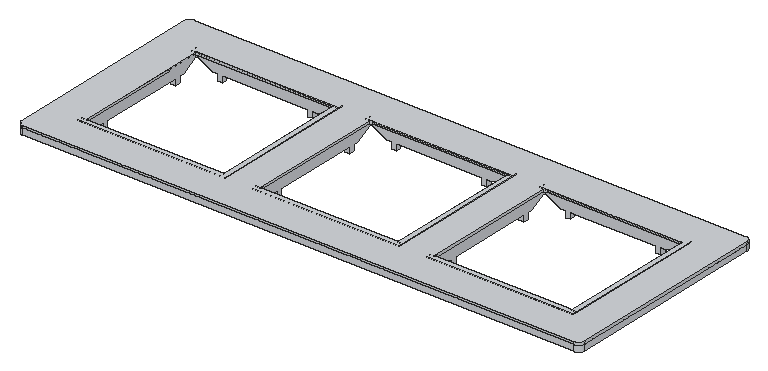
Revit family "Gira_0213295", category Electrical Fixtures, host Face, Revit 2017
Family settings
  Host = Face
  Maintain Annotation Orientation = No
  Round Connector Dimension = Use Diameter
  Part Type = Normal
  Cut with Voids When Loaded = No
  Shared = No
  Room Calculation Point = No
Parameters (values of type "Abdeckrahmen 3f flach Gira E2 Reinweiß")
  Werkstoffgüte = "Thermoplast"
  Werkstoff = "Kunststoff"
  URL = "http://katalog.gira.de/de_DE/datenblatt.html?artikelnr=0213295"
  Transparent = "No"
  Textfeld/Beschriftungsfläche = "No"
  Schutzart (IP) = "IP21"
  Region = "DE"
  RAL-Nummer (ähnlich) = "9010 "
  Oberfläche = "sonstige"
  Name = "Abdeckrahmen 3f flach Gira E2 Reinweiß"
  Montagerichtung = "horizontal und vertikal"
  Mit Klappdeckel = "No"
  Manufacturer URL = "https://www.gira.de/"
  Keynote = "E2flach_Rahmen_3fach"
  HeinzeBIM = "https://bimportal.heinze.de/bim/abdeckrahmen-3f-flach-gira-e2-reinweiss/775f8fc87214c731de78a0a6b9c0fd54142518a6"
  Halogenfrei = "Yes"
  HAN = "0213295"
  Geeignet für Unterputz-Installation = "Yes"
  Geeignet für Unterflurkanaldose = "No"
  Geeignet für Geräteeinbaukanal = "No"
  Geeignet für Einbauinstallation = "No"
  GTIN = "4010337022275"
  Farbe = "weiß"
  Default Elevation = 1219.2 mm
  Data sheet (1) = "https://katalog.gira.de/de_DE/download.html?artikelnr=0213295"
  Category = "Abdeckrahmen"
  Befestigungsart = "Klemmbefestigung"
  Available = "Yes"
  Ausführung der Oberfläche = "glänzend"
  Anzahl der Einheiten vertikal = "3 "
  Anzahl der Einheiten horizontal = "3 "
  Anzahl der Einheiten = "3 "
Reference planes
  plane 1 "Center (Front/Back)": y = 0
  plane 2: z = 0
  plane 3 "Center (Left/Right)": x = 0
Forms (mm)
  Extrusion 1, solid, detail levels fine
    sketch origin (0, 0, 0) x (1, 0, 0) y (0, 1, 0)
      loop
        arc (-112.6, 43.9) -> (-114.368, 43.168) -> (-115.1, 41.4) r 2.5
        line (-115.1, 41.4) -> (-115.1, -41.4)
        arc (-115.1, -41.4) -> (-114.368, -43.168) -> (-112.6, -43.9) r 2.5
        line (-112.6, -43.9) -> (112.6, -43.9)
        arc (112.6, -43.9) -> (114.368, -43.168) -> (115.1, -41.4) r 2.5
        line (115.1, -41.4) -> (115.1, 41.4)
        arc (115.1, 41.4) -> (114.368, 43.168) -> (112.6, 43.9) r 2.5
        line (112.6, 43.9) -> (-112.6, 43.9)
      loop
        spline (-99.344, -27.245) -> (-99.336, -27.363) -> (-99.313, -27.478) -> (-99.275, -27.589) -> (-99.223, -27.695) -> (-99.158, -27.792) -> (-99.081, -27.881) -> (-98.992, -27.958) -> (-98.895, -28.023) -> (-98.789, -28.075) -> (-98.678, -28.113) -> (-98.563, -28.136) -> (-98.445, -28.144)
        line (-98.445, -28.144) -> (-43.955, -28.144)
        spline (-43.955, -28.144) -> (-43.837, -28.136) -> (-43.722, -28.113) -> (-43.611, -28.075) -> (-43.505, -28.023) -> (-43.408, -27.958) -> (-43.319, -27.881) -> (-43.242, -27.792) -> (-43.177, -27.695) -> (-43.125, -27.589) -> (-43.087, -27.478) -> (-43.064, -27.363) -> (-43.056, -27.245)
        line (-43.056, -27.245) -> (-43.056, 27.245)
        spline (-43.056, 27.245) -> (-43.064, 27.363) -> (-43.087, 27.478) -> (-43.125, 27.589) -> (-43.177, 27.695) -> (-43.242, 27.792) -> (-43.319, 27.881) -> (-43.408, 27.958) -> (-43.505, 28.023) -> (-43.611, 28.075) -> (-43.722, 28.113) -> (-43.837, 28.136) -> (-43.955, 28.144)
        line (-43.955, 28.144) -> (-98.445, 28.144)
        spline (-98.445, 28.144) -> (-98.563, 28.136) -> (-98.678, 28.113) -> (-98.789, 28.075) -> (-98.895, 28.023) -> (-98.992, 27.958) -> (-99.081, 27.881) -> (-99.158, 27.792) -> (-99.223, 27.695) -> (-99.275, 27.589) -> (-99.313, 27.478) -> (-99.336, 27.363) -> (-99.344, 27.245)
        line (-99.344, 27.245) -> (-99.344, -27.245)
      loop
        spline (98.445, -28.144) -> (98.563, -28.136) -> (98.678, -28.113) -> (98.789, -28.075) -> (98.895, -28.023) -> (98.992, -27.958) -> (99.081, -27.881) -> (99.158, -27.792) -> (99.223, -27.695) -> (99.275, -27.589) -> (99.313, -27.478) -> (99.336, -27.363) -> (99.344, -27.245)
        line (99.344, -27.245) -> (99.344, 27.245)
        spline (99.344, 27.245) -> (99.336, 27.363) -> (99.313, 27.478) -> (99.275, 27.589) -> (99.223, 27.695) -> (99.158, 27.792) -> (99.081, 27.881) -> (98.992, 27.958) -> (98.895, 28.023) -> (98.789, 28.075) -> (98.678, 28.113) -> (98.563, 28.136) -> (98.445, 28.144)
        line (98.445, 28.144) -> (43.955, 28.144)
        spline (43.955, 28.144) -> (43.837, 28.136) -> (43.722, 28.113) -> (43.611, 28.075) -> (43.505, 28.023) -> (43.408, 27.958) -> (43.319, 27.881) -> (43.242, 27.792) -> (43.177, 27.695) -> (43.125, 27.589) -> (43.087, 27.478) -> (43.064, 27.363) -> (43.056, 27.245)
        line (43.056, 27.245) -> (43.056, -27.245)
        spline (43.056, -27.245) -> (43.064, -27.363) -> (43.087, -27.478) -> (43.125, -27.589) -> (43.177, -27.695) -> (43.242, -27.792) -> (43.319, -27.881) -> (43.408, -27.958) -> (43.505, -28.023) -> (43.611, -28.075) -> (43.722, -28.113) -> (43.837, -28.136) -> (43.955, -28.144)
        line (43.955, -28.144) -> (98.445, -28.144)
      loop
        spline (-28.144, -27.245) -> (-28.136, -27.363) -> (-28.113, -27.478) -> (-28.075, -27.589) -> (-28.023, -27.695) -> (-27.958, -27.792) -> (-27.881, -27.881) -> (-27.792, -27.958) -> (-27.695, -28.023) -> (-27.589, -28.075) -> (-27.478, -28.113) -> (-27.363, -28.136) -> (-27.245, -28.144)
        line (-27.245, -28.144) -> (27.245, -28.144)
        spline (27.245, -28.144) -> (27.363, -28.136) -> (27.478, -28.113) -> (27.589, -28.075) -> (27.695, -28.023) -> (27.792, -27.958) -> (27.881, -27.881) -> (27.958, -27.792) -> (28.023, -27.695) -> (28.075, -27.589) -> (28.113, -27.478) -> (28.136, -27.363) -> (28.144, -27.245)
        line (28.144, -27.245) -> (28.144, 27.245)
        spline (28.144, 27.245) -> (28.136, 27.363) -> (28.113, 27.478) -> (28.075, 27.589) -> (28.023, 27.695) -> (27.958, 27.792) -> (27.881, 27.881) -> (27.792, 27.958) -> (27.695, 28.023) -> (27.589, 28.075) -> (27.478, 28.113) -> (27.363, 28.136) -> (27.245, 28.144)
        line (27.245, 28.144) -> (-27.245, 28.144)
        spline (-27.245, 28.144) -> (-27.363, 28.136) -> (-27.478, 28.113) -> (-27.589, 28.075) -> (-27.695, 28.023) -> (-27.792, 27.958) -> (-27.881, 27.881) -> (-27.958, 27.792) -> (-28.023, 27.695) -> (-28.075, 27.589) -> (-28.113, 27.478) -> (-28.136, 27.363) -> (-28.144, 27.245)
        line (-28.144, 27.245) -> (-28.144, -27.245)
    from 2.5 to 3.4
  Extrusion 2, solid, detail levels fine
    sketch origin (0, 0, 0) x (1, 0, 0) y (0, 1, 0)
      loop
        arc (-112.6, 43.9) -> (-114.368, 43.168) -> (-115.1, 41.4) r 2.5
        line (-115.1, 41.4) -> (-115.1, -41.4)
        arc (-115.1, -41.4) -> (-114.368, -43.168) -> (-112.6, -43.9) r 2.5
        line (-112.6, -43.9) -> (112.6, -43.9)
        arc (112.6, -43.9) -> (114.368, -43.168) -> (115.1, -41.4) r 2.5
        line (115.1, -41.4) -> (115.1, 41.4)
        arc (115.1, 41.4) -> (114.368, 43.168) -> (112.6, 43.9) r 2.5
        line (112.6, 43.9) -> (-112.6, 43.9)
      loop
        arc (-112.6, 43.4) -> (-114.014, 42.814) -> (-114.6, 41.4) r 2
        line (-114.6, 41.4) -> (-114.6, -41.4)
        arc (-114.6, -41.4) -> (-114.014, -42.814) -> (-112.6, -43.4) r 2
        line (-112.6, -43.4) -> (112.6, -43.4)
        arc (112.6, -43.4) -> (114.014, -42.814) -> (114.6, -41.4) r 2
        line (114.6, -41.4) -> (114.6, 41.4)
        arc (114.6, 41.4) -> (114.014, 42.814) -> (112.6, 43.4) r 2
        line (112.6, 43.4) -> (-112.6, 43.4)
    from 0 to 2.5
  Extrusion 3, solid, detail levels fine
    sketch origin (-71.2, 0, 0) x (1, 0, 0) y (0, 0, 1)
      loop
        line (-17.5, -4.06) -> (-17.5, -1.56) -> (17.5, -1.56) -> (17.5, -4.06) -> (19.5, -4.06) -> (19.5, -1.56) -> (21.654, -1.56) -> (27.214, 1.65) -> (30, 1.65) -> (30, 3.4) -> (-30, 3.4) -> (-30, 1.65) -> (-27.214, 1.65) -> (-21.654, -1.56) -> (-19.5, -1.56) -> (-19.5, -4.06) -> (-17.5, -4.06)
    from 28.144 to 30
  Extrusion 4, solid, detail levels fine
    sketch origin (-71.2, 0, 0) x (0, -1, 0) y (0, 0, -1)
      loop
        line (-17.5, 4.06) -> (-19.5, 4.06) -> (-19.5, 1.56) -> (-21.654, 1.56) -> (-27.214, -1.65) -> (-28.144, -1.65) -> (-28.144, -3.4) -> (28.144, -3.4) -> (28.144, -1.65) -> (27.214, -1.65) -> (21.654, 1.56) -> (19.5, 1.56) -> (19.5, 4.06) -> (17.5, 4.06) -> (17.5, 1.56) -> (-17.5, 1.56) -> (-17.5, 4.06)
    from 28.144 to 30
  Extrusion 5, solid, detail levels medium
    sketch origin (-71.2, 0, 0) x (0, -1, 0) y (0, 0, 1)
      loop
        line (-17.5, -4.06) -> (-17.5, -1.56) -> (17.5, -1.56) -> (17.5, -4.06) -> (19.5, -4.06) -> (19.5, -1.56) -> (28.144, -1.56) -> (28.144, 3.4) -> (-28.144, 3.4) -> (-28.144, -1.56) -> (-19.5, -1.56) -> (-19.5, -4.06) -> (-17.5, -4.06)
    from 28.144 to 30
  Extrusion 6, solid, detail levels fine
    sketch origin (-71.2, 0, 0) x (1, 0, 0) y (0, 0, -1)
      loop
        line (-17.5, 4.06) -> (-19.5, 4.06) -> (-19.5, 1.56) -> (-21.654, 1.56) -> (-27.214, -1.65) -> (-30, -1.65) -> (-30, -3.4) -> (30, -3.4) -> (30, -1.65) -> (27.214, -1.65) -> (21.654, 1.56) -> (19.5, 1.56) -> (19.5, 4.06) -> (17.5, 4.06) -> (17.5, 1.56) -> (-17.5, 1.56) -> (-17.5, 4.06)
    from 28.144 to 30
  Extrusion 7, solid, detail levels coarse
    sketch origin (0, 0, 0) x (1, 0, 0) y (0, 1, 0)
      loop
        line (-115.1, 43.9) -> (-115.1, -43.9) -> (115.1, -43.9) -> (115.1, 43.9) -> (-115.1, 43.9)
    from -4.06 to 3.4
  Extrusion 8, solid, detail levels medium
    sketch origin (0, 0, 0) x (1, 0, 0) y (0, 1, 0)
      loop
        line (-115.1, 43.9) -> (-115.1, -43.9) -> (115.1, -43.9) -> (115.1, 43.9) -> (-115.1, 43.9)
    from 0 to 3.4
  Extrusion 9, solid, detail levels medium
    sketch origin (-71.2, 0, 0) x (1, 0, 0) y (0, 0, 1)
      loop
        line (-17.5, -4.06) -> (-17.5, -1.56) -> (17.5, -1.56) -> (17.5, -4.06) -> (19.5, -4.06) -> (19.5, -1.56) -> (30, -1.56) -> (30, 3.4) -> (-30, 3.4) -> (-30, -1.56) -> (-19.5, -1.56) -> (-19.5, -4.06) -> (-17.5, -4.06)
    from 28.144 to 30
  Extrusion 10, solid, detail levels medium
    sketch origin (-71.2, 0, 0) x (1, 0, 0) y (0, 0, -1)
      loop
        line (-17.5, 4.06) -> (-19.5, 4.06) -> (-19.5, 1.56) -> (-30, 1.56) -> (-30, -3.4) -> (30, -3.4) -> (30, 1.56) -> (19.5, 1.56) -> (19.5, 4.06) -> (17.5, 4.06) -> (17.5, 1.56) -> (-17.5, 1.56) -> (-17.5, 4.06)
    from 28.144 to 30
  Extrusion 11, solid, detail levels medium
    sketch origin (-71.2, 0, 0) x (0, -1, 0) y (0, 0, -1)
      loop
        line (-17.5, 4.06) -> (-19.5, 4.06) -> (-19.5, 1.56) -> (-28.144, 1.56) -> (-28.144, -3.4) -> (28.144, -3.4) -> (28.144, 1.56) -> (19.5, 1.56) -> (19.5, 4.06) -> (17.5, 4.06) -> (17.5, 1.56) -> (-17.5, 1.56) -> (-17.5, 4.06)
    from 28.144 to 30
  Extrusion 12, solid, detail levels fine
    sketch origin (71.2, 0, 0) x (-1, 0, 0) y (0, 0, -1)
      loop
        line (-17.5, 4.06) -> (-19.5, 4.06) -> (-19.5, 1.56) -> (-21.654, 1.56) -> (-27.214, -1.65) -> (-30, -1.65) -> (-30, -3.4) -> (30, -3.4) -> (30, -1.65) -> (27.214, -1.65) -> (21.654, 1.56) -> (19.5, 1.56) -> (19.5, 4.06) -> (17.5, 4.06) -> (17.5, 1.56) -> (-17.5, 1.56) -> (-17.5, 4.06)
    from 28.144 to 30
  Extrusion 13, solid, detail levels fine
    sketch origin (71.2, 0, 0) x (0, -1, 0) y (0, 0, 1)
      loop
        line (-17.5, -4.06) -> (-17.5, -1.56) -> (17.5, -1.56) -> (17.5, -4.06) -> (19.5, -4.06) -> (19.5, -1.56) -> (21.654, -1.56) -> (27.214, 1.65) -> (28.144, 1.65) -> (28.144, 3.4) -> (-28.144, 3.4) -> (-28.144, 1.65) -> (-27.214, 1.65) -> (-21.654, -1.56) -> (-19.5, -1.56) -> (-19.5, -4.06) -> (-17.5, -4.06)
    from 28.144 to 30
  Extrusion 14, solid, detail levels medium
    sketch origin (71.2, 0, 0) x (0, -1, 0) y (0, 0, -1)
      loop
        line (-17.5, 4.06) -> (-19.5, 4.06) -> (-19.5, 1.56) -> (-28.144, 1.56) -> (-28.144, -3.4) -> (28.144, -3.4) -> (28.144, 1.56) -> (19.5, 1.56) -> (19.5, 4.06) -> (17.5, 4.06) -> (17.5, 1.56) -> (-17.5, 1.56) -> (-17.5, 4.06)
    from 28.144 to 30
  Extrusion 15, solid, detail levels fine
    sketch origin (71.2, 0, 0) x (-1, 0, 0) y (0, 0, 1)
      loop
        line (-17.5, -4.06) -> (-17.5, -1.56) -> (17.5, -1.56) -> (17.5, -4.06) -> (19.5, -4.06) -> (19.5, -1.56) -> (21.654, -1.56) -> (27.214, 1.65) -> (30, 1.65) -> (30, 3.4) -> (-30, 3.4) -> (-30, 1.65) -> (-27.214, 1.65) -> (-21.654, -1.56) -> (-19.5, -1.56) -> (-19.5, -4.06) -> (-17.5, -4.06)
    from 28.144 to 30
  Extrusion 16, solid, detail levels medium
    sketch origin (71.2, 0, 0) x (-1, 0, 0) y (0, 0, -1)
      loop
        line (-17.5, 4.06) -> (-19.5, 4.06) -> (-19.5, 1.56) -> (-30, 1.56) -> (-30, -3.4) -> (30, -3.4) -> (30, 1.56) -> (19.5, 1.56) -> (19.5, 4.06) -> (17.5, 4.06) -> (17.5, 1.56) -> (-17.5, 1.56) -> (-17.5, 4.06)
    from 28.144 to 30
  Extrusion 17, solid, detail levels medium
    sketch origin (71.2, 0, 0) x (-1, 0, 0) y (0, 0, 1)
      loop
        line (-17.5, -4.06) -> (-17.5, -1.56) -> (17.5, -1.56) -> (17.5, -4.06) -> (19.5, -4.06) -> (19.5, -1.56) -> (30, -1.56) -> (30, 3.4) -> (-30, 3.4) -> (-30, -1.56) -> (-19.5, -1.56) -> (-19.5, -4.06) -> (-17.5, -4.06)
    from 28.144 to 30
  Extrusion 18, solid, detail levels medium
    sketch origin (71.2, 0, 0) x (0, -1, 0) y (0, 0, 1)
      loop
        line (-17.5, -4.06) -> (-17.5, -1.56) -> (17.5, -1.56) -> (17.5, -4.06) -> (19.5, -4.06) -> (19.5, -1.56) -> (28.144, -1.56) -> (28.144, 3.4) -> (-28.144, 3.4) -> (-28.144, -1.56) -> (-19.5, -1.56) -> (-19.5, -4.06) -> (-17.5, -4.06)
    from 28.144 to 30
  Extrusion 19, solid, detail levels fine
    sketch origin (-129.344, 0, 0) x (0, -1, 0) y (0, 0, -1)
      loop
        line (-17.5, 4.06) -> (-19.5, 4.06) -> (-19.5, 1.56) -> (-21.654, 1.56) -> (-27.214, -1.65) -> (-28.144, -1.65) -> (-28.144, -3.4) -> (28.144, -3.4) -> (28.144, -1.65) -> (27.214, -1.65) -> (21.654, 1.56) -> (19.5, 1.56) -> (19.5, 4.06) -> (17.5, 4.06) -> (17.5, 1.56) -> (-17.5, 1.56) -> (-17.5, 4.06)
    from 28.144 to 30
  Extrusion 20, solid, detail levels fine
    sketch origin (129.344, 0, 0) x (0, -1, 0) y (0, 0, 1)
      loop
        line (-17.5, -4.06) -> (-17.5, -1.56) -> (17.5, -1.56) -> (17.5, -4.06) -> (19.5, -4.06) -> (19.5, -1.56) -> (21.654, -1.56) -> (27.214, 1.65) -> (28.144, 1.65) -> (28.144, 3.4) -> (-28.144, 3.4) -> (-28.144, 1.65) -> (-27.214, 1.65) -> (-21.654, -1.56) -> (-19.5, -1.56) -> (-19.5, -4.06) -> (-17.5, -4.06)
    from 28.144 to 30
  Extrusion 21, solid, detail levels fine
    sketch origin (0, 0, 0) x (-1, 0, 0) y (0, 0, -1)
      loop
        line (-17.5, 4.06) -> (-19.5, 4.06) -> (-19.5, 1.56) -> (-21.654, 1.56) -> (-27.214, -1.65) -> (-30, -1.65) -> (-30, -3.4) -> (30, -3.4) -> (30, -1.65) -> (27.214, -1.65) -> (21.654, 1.56) -> (19.5, 1.56) -> (19.5, 4.06) -> (17.5, 4.06) -> (17.5, 1.56) -> (-17.5, 1.56) -> (-17.5, 4.06)
    from 28.144 to 30
  Extrusion 22, solid, detail levels fine
    sketch origin (0, 0, 0) x (0, -1, 0) y (0, 0, 1)
      loop
        line (-17.5, -4.06) -> (-17.5, -1.56) -> (17.5, -1.56) -> (17.5, -4.06) -> (19.5, -4.06) -> (19.5, -1.56) -> (21.654, -1.56) -> (27.214, 1.65) -> (28.144, 1.65) -> (28.144, 3.4) -> (-28.144, 3.4) -> (-28.144, 1.65) -> (-27.214, 1.65) -> (-21.654, -1.56) -> (-19.5, -1.56) -> (-19.5, -4.06) -> (-17.5, -4.06)
    from 28.144 to 30
  Extrusion 23, solid, detail levels medium
    sketch origin (0, 0, 0) x (0, -1, 0) y (0, 0, -1)
      loop
        line (-17.5, 4.06) -> (-19.5, 4.06) -> (-19.5, 1.56) -> (-28.144, 1.56) -> (-28.144, -3.4) -> (28.144, -3.4) -> (28.144, 1.56) -> (19.5, 1.56) -> (19.5, 4.06) -> (17.5, 4.06) -> (17.5, 1.56) -> (-17.5, 1.56) -> (-17.5, 4.06)
    from 28.144 to 30
  Extrusion 24, solid, detail levels fine
    sketch origin (0, 0, 0) x (-1, 0, 0) y (0, 0, 1)
      loop
        line (-17.5, -4.06) -> (-17.5, -1.56) -> (17.5, -1.56) -> (17.5, -4.06) -> (19.5, -4.06) -> (19.5, -1.56) -> (21.654, -1.56) -> (27.214, 1.65) -> (30, 1.65) -> (30, 3.4) -> (-30, 3.4) -> (-30, 1.65) -> (-27.214, 1.65) -> (-21.654, -1.56) -> (-19.5, -1.56) -> (-19.5, -4.06) -> (-17.5, -4.06)
    from 28.144 to 30
  Extrusion 25, solid, detail levels medium
    sketch origin (0, 0, 0) x (-1, 0, 0) y (0, 0, -1)
      loop
        line (-17.5, 4.06) -> (-19.5, 4.06) -> (-19.5, 1.56) -> (-30, 1.56) -> (-30, -3.4) -> (30, -3.4) -> (30, 1.56) -> (19.5, 1.56) -> (19.5, 4.06) -> (17.5, 4.06) -> (17.5, 1.56) -> (-17.5, 1.56) -> (-17.5, 4.06)
    from 28.144 to 30
  Extrusion 26, solid, detail levels medium
    sketch origin (0, 0, 0) x (-1, 0, 0) y (0, 0, 1)
      loop
        line (-17.5, -4.06) -> (-17.5, -1.56) -> (17.5, -1.56) -> (17.5, -4.06) -> (19.5, -4.06) -> (19.5, -1.56) -> (30, -1.56) -> (30, 3.4) -> (-30, 3.4) -> (-30, -1.56) -> (-19.5, -1.56) -> (-19.5, -4.06) -> (-17.5, -4.06)
    from 28.144 to 30
  Extrusion 27, solid, detail levels medium
    sketch origin (0, 0, 0) x (0, -1, 0) y (0, 0, 1)
      loop
        line (-17.5, -4.06) -> (-17.5, -1.56) -> (17.5, -1.56) -> (17.5, -4.06) -> (19.5, -4.06) -> (19.5, -1.56) -> (28.144, -1.56) -> (28.144, 3.4) -> (-28.144, 3.4) -> (-28.144, -1.56) -> (-19.5, -1.56) -> (-19.5, -4.06) -> (-17.5, -4.06)
    from 28.144 to 30
  Extrusion 28, solid, detail levels fine
    sketch origin (58.144, 0, 0) x (0, -1, 0) y (0, 0, 1)
      loop
        line (-17.5, -4.06) -> (-17.5, -1.56) -> (17.5, -1.56) -> (17.5, -4.06) -> (19.5, -4.06) -> (19.5, -1.56) -> (21.654, -1.56) -> (27.214, 1.65) -> (28.144, 1.65) -> (28.144, 3.4) -> (-28.144, 3.4) -> (-28.144, 1.65) -> (-27.214, 1.65) -> (-21.654, -1.56) -> (-19.5, -1.56) -> (-19.5, -4.06) -> (-17.5, -4.06)
    from 28.144 to 30
Dimensions and locks
  aligned and locked: plane 2 to host face
  aligned and locked: level to host face
